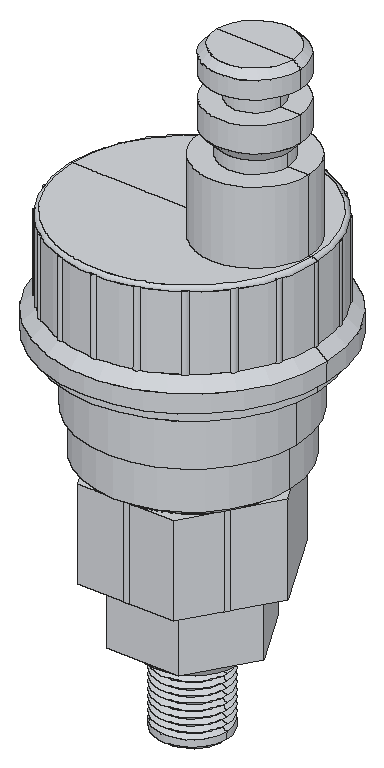
Revit family "PipeAccessories_AutomaticAirVent_DRBrass_Dura", category Pipe Accessories, Revit 2019
Family settings
  Round Connector Dimension = Use Radius
  Part Type = Valve - Normal
  OmniClass Number = 23.65.55.14.17
  OmniClass Title = Adjusting/Controlling Valves for Liquid Services
  Work Plane-Based = No
  Always vertical = Yes
  Cut with Voids When Loaded = Yes
  Shared = No
Parameters (values of type "Automatic AirVent_DR-Brass_Dura")
  WaterTreatmentSystemOperating [instance] = yes
  WaterLevelsSet [instance] = yes
  Uniformat IIElements = "TBC"
  Type Comments = "Dura's range of valves ensure you have the right valve for the right application.\r\nProducts range from ball valves and gate valves all the way to butterfly and mechanical valves to ensure you have the solution to meet your specification requirements."
  StatutoryRegistrationsAndLabelsComplete [instance] = yes
  SerialNumber [instance] = ""
  ProductCode = "9502880\r\n"  # constant formula
  OmniclassProducts = "TBC"
  NATSPECWorkSection = "TBC"
  Model Version = "2013-03"
  Model Status [instance] = ""
  Model Specification = "BMA"
  Description = "Dura Eagle Automatic Airvent is used to remove residual air from the water in a closed heating or cooling system. This helps to reduce noise and improve efficiency of equipment."
  BodyMaterial = none
  Mark [instance] = ""
  FinalHHWFlow = 0.0 L/s
  CommissioningEngineer [instance] = ""
  CommissioningDate [instance] = ""
  BonnetNo = 20
  URL = "www.reece.com.au"
  SizeRadius = Size * 0.5  # 5.00 mm
  Size = 10.00 mm
  Model = "Automatic AirVent_DR-Brass_Dura"
  Manufacturer = "Reece"
  Height = 60.00 mm
  H2 = 24.676 mm
  H1 = 68.322 mm
  Assembly Code = "D2090800"
  AirVentHeight = H1 + H2  # 92.998 mm
  BodyRadius = 19.501 mm
Reference planes
  plane 1 "Center (Front/Back)": y = 0
  plane 2: z = 0
  plane 3 "Center (Left/Right)": x = 0
  plane 4 "TOP": x = 9.088
  plane 5: z = 40.402
  plane 6: z = -52.595
Forms (mm)
  Revolve 1, solid, material <- "BodyMaterial", detail levels fine
    sketch origin (0, 0, 0) x (1, 0, 0) y (0, 0, 1)
      loop
        line (-15.113, -3.119) -> (-15.113, -9.366) -> (-14.17, -9.366) -> (-14.17, -15.403)
        arc (-14.17, -15.403) -> (-12.935, -15.863) -> (-12.046, -16.837) r 2.805
        line (-12.046, -16.837) -> (-12.046, -29.846) -> (-8.491, -29.846) -> (-8.491, -38.846) -> (-6.265, -41.073) -> (-4.22, -41.073) -> (-5, -41.619) -> (-4.329, -42.089) -> (-5, -42.559) -> (-4.329, -43.029) -> (-5, -43.499) -> (-4.329, -43.969) -> (-5, -44.439) -> (-4.329, -44.909) -> (-5, -45.379) -> (-4.329, -45.849) -> (-5, -46.319) -> (-4.329, -46.789) -> (-5, -47.259) -> (-4.329, -47.729) -> (-5, -48.199) -> (-4.329, -48.669) -> (-5, -49.139) -> (-4.329, -49.609) -> (-5, -50.079) -> (-5, -51.074)
        arc (-5, -51.074) -> (-3.073, -52.203) -> (-0.874, -52.595) r 6.357
        line (-0.874, -52.595) -> (0, -52.595) -> (0, 15.726) -> (-17.347, 15.726)
        arc (-17.347, 15.726) -> (-17.74, 15.563) -> (-17.903, 15.17) r 0.556
        line (-17.903, 15.17) -> (-17.903, 4.476) -> (-19.501, 2.878) -> (-19.501, 0.306) -> (-18.087, 0.306) -> (-18.087, -1.448) -> (-16.784, -1.448)
        arc (-16.784, -1.448) -> (-15.603, -1.937) -> (-15.113, -3.119) r 1.671
      axis (0, 15.726) -> (0, -52.595)
    angle from 0 to 360
  Revolve 2, solid, material <- "BodyMaterial", detail levels fine
    sketch origin (2.512, 0, 0) x (1, 0, 0) y (0, 0, 1)
      loop
        line (-1.192, 15.726) -> (6.576, 15.726) -> (6.576, 29.966) -> (6.576, 40.402) -> (1.037, 40.402) -> (0.031, 39.397) -> (0.031, 36.918) -> (2.93, 36.918) -> (2.93, 33.56) -> (0.031, 33.56) -> (0.031, 29.893) -> (1.881, 28.043) -> (1.881, 26.211) -> (-1.192, 26.211) -> (-1.192, 15.726)
      axis (6.576, 40.402) -> (6.576, 15.726)
    angle from 0 to 360
  Extrusion 3, solid, material <- "BodyMaterial", detail levels fine
    sketch origin (-1.906, -2.476, 0) x (1, 0, 0) y (0, 1, 0)
      loop
        line (1.507, 20.342) -> (2.315, 20.342)
        arc (2.315, 20.342) -> (1.911, 20.544) -> (1.507, 20.342) r 0.504
    from 4.476 to 15.282
  Extrusion 4, solid, material <- "BodyMaterial", detail levels fine
    sketch origin (-2.578, -1.766, 0) x (0.951057, -0.309017, 0) y (0.309017, 0.951057, 0)
      loop
        line (1.507, 20.342) -> (2.315, 20.342)
        arc (2.315, 20.342) -> (1.911, 20.544) -> (1.507, 20.342) r 0.504
    from 4.476 to 15.282
  Extrusion 5, solid, material <- "BodyMaterial", detail levels fine
    sketch origin (-2.997, -0.883, 0) x (0.809017, -0.587785, 0) y (0.587785, 0.809017, 0)
      loop
        line (1.507, 20.342) -> (2.315, 20.342)
        arc (2.315, 20.342) -> (1.911, 20.544) -> (1.507, 20.342) r 0.504
    from 4.476 to 15.282
  Extrusion 6, solid, material <- "BodyMaterial", detail levels fine
    sketch origin (-3.123, 0.087, 0) x (0.587785, -0.809017, 0) y (0.809017, 0.587785, 0)
      loop
        line (1.507, 20.342) -> (2.315, 20.342)
        arc (2.315, 20.342) -> (1.911, 20.544) -> (1.507, 20.342) r 0.504
    from 4.476 to 15.282
  Extrusion 7, solid, material <- "BodyMaterial", detail levels fine
    sketch origin (-2.944, 1.048, 0) x (0.309017, -0.951057, 0) y (0.951057, 0.309017, 0)
      loop
        line (1.507, 20.342) -> (2.315, 20.342)
        arc (2.315, 20.342) -> (1.911, 20.544) -> (1.507, 20.342) r 0.504
    from 4.476 to 15.282
  Extrusion 8, solid, material <- "BodyMaterial", detail levels fine
    sketch origin (-2.476, 1.906, 0) x (0, -1, 0) y (1, 0, 0)
      loop
        line (1.507, 20.342) -> (2.315, 20.342)
        arc (2.315, 20.342) -> (1.911, 20.544) -> (1.507, 20.342) r 0.504
    from 4.476 to 15.282
  Extrusion 9, solid, material <- "BodyMaterial", detail levels fine
    sketch origin (-1.766, 2.578, 0) x (-0.309017, -0.951057, 0) y (0.951057, -0.309017, 0)
      loop
        line (1.507, 20.342) -> (2.315, 20.342)
        arc (2.315, 20.342) -> (1.911, 20.544) -> (1.507, 20.342) r 0.504
    from 4.476 to 15.282
  Extrusion 10, solid, material <- "BodyMaterial", detail levels fine
    sketch origin (-0.883, 2.997, 0) x (-0.587785, -0.809017, 0) y (0.809017, -0.587785, 0)
      loop
        line (1.507, 20.342) -> (2.315, 20.342)
        arc (2.315, 20.342) -> (1.911, 20.544) -> (1.507, 20.342) r 0.504
    from 4.476 to 15.282
  Extrusion 11, solid, material <- "BodyMaterial", detail levels fine
    sketch origin (0.087, 3.123, 0) x (-0.809017, -0.587785, 0) y (0.587785, -0.809017, 0)
      loop
        line (1.507, 20.342) -> (2.315, 20.342)
        arc (2.315, 20.342) -> (1.911, 20.544) -> (1.507, 20.342) r 0.504
    from 4.476 to 15.282
  Extrusion 12, solid, material <- "BodyMaterial", detail levels fine
    sketch origin (1.048, 2.944, 0) x (-0.951057, -0.309017, 0) y (0.309017, -0.951057, 0)
      loop
        line (1.507, 20.342) -> (2.315, 20.342)
        arc (2.315, 20.342) -> (1.911, 20.544) -> (1.507, 20.342) r 0.504
    from 4.476 to 15.282
  Extrusion 13, solid, material <- "BodyMaterial", detail levels fine
    sketch origin (1.906, 2.476, 0) x (-1, 0, 0) y (0, -1, 0)
      loop
        line (1.507, 20.342) -> (2.315, 20.342)
        arc (2.315, 20.342) -> (1.911, 20.544) -> (1.507, 20.342) r 0.504
    from 4.476 to 15.282
  Extrusion 14, solid, material <- "BodyMaterial", detail levels fine
    sketch origin (2.578, 1.766, 0) x (-0.951057, 0.309017, 0) y (-0.309017, -0.951057, 0)
      loop
        line (1.507, 20.342) -> (2.315, 20.342)
        arc (2.315, 20.342) -> (1.911, 20.544) -> (1.507, 20.342) r 0.504
    from 4.476 to 15.282
  Extrusion 15, solid, material <- "BodyMaterial", detail levels fine
    sketch origin (2.997, 0.883, 0) x (-0.809017, 0.587785, 0) y (-0.587785, -0.809017, 0)
      loop
        line (1.507, 20.342) -> (2.315, 20.342)
        arc (2.315, 20.342) -> (1.911, 20.544) -> (1.507, 20.342) r 0.504
    from 4.476 to 15.282
  Extrusion 16, solid, material <- "BodyMaterial", detail levels fine
    sketch origin (3.123, -0.087, 0) x (-0.587785, 0.809017, 0) y (-0.809017, -0.587785, 0)
      loop
        line (1.507, 20.342) -> (2.315, 20.342)
        arc (2.315, 20.342) -> (1.911, 20.544) -> (1.507, 20.342) r 0.504
    from 4.476 to 15.282
  Extrusion 17, solid, material <- "BodyMaterial", detail levels fine
    sketch origin (2.944, -1.048, 0) x (-0.309017, 0.951057, 0) y (-0.951057, -0.309017, 0)
      loop
        line (1.507, 20.342) -> (2.315, 20.342)
        arc (2.315, 20.342) -> (1.911, 20.544) -> (1.507, 20.342) r 0.504
    from 4.476 to 15.282
  Extrusion 18, solid, material <- "BodyMaterial", detail levels fine
    sketch origin (2.476, -1.906, 0) x (0, 1, 0) y (-1, 0, 0)
      loop
        line (1.507, 20.342) -> (2.315, 20.342)
        arc (2.315, 20.342) -> (1.911, 20.544) -> (1.507, 20.342) r 0.504
    from 4.476 to 15.282
  Extrusion 19, solid, material <- "BodyMaterial", detail levels fine
    sketch origin (1.766, -2.578, 0) x (0.309017, 0.951057, 0) y (-0.951057, 0.309017, 0)
      loop
        line (1.507, 20.342) -> (2.315, 20.342)
        arc (2.315, 20.342) -> (1.911, 20.544) -> (1.507, 20.342) r 0.504
    from 4.476 to 15.282
  Extrusion 20, solid, material <- "BodyMaterial", detail levels fine
    sketch origin (0.883, -2.997, 0) x (0.587785, 0.809017, 0) y (-0.809017, 0.587785, 0)
      loop
        line (1.507, 20.342) -> (2.315, 20.342)
        arc (2.315, 20.342) -> (1.911, 20.544) -> (1.507, 20.342) r 0.504
    from 4.476 to 15.282
  Extrusion 21, solid, material <- "BodyMaterial", detail levels fine
    sketch origin (-0.087, -3.123, 0) x (0.809017, 0.587785, 0) y (-0.587785, 0.809017, 0)
      loop
        line (1.507, 20.342) -> (2.315, 20.342)
        arc (2.315, 20.342) -> (1.911, 20.544) -> (1.507, 20.342) r 0.504
    from 4.476 to 15.282
  Extrusion 22, solid, material <- "BodyMaterial", detail levels fine
    sketch origin (-1.048, -2.944, 0) x (0.951057, 0.309017, 0) y (-0.309017, 0.951057, 0)
      loop
        line (1.507, 20.342) -> (2.315, 20.342)
        arc (2.315, 20.342) -> (1.911, 20.544) -> (1.507, 20.342) r 0.504
    from 4.476 to 15.282
Cuts and joins
  joined: Revolve 1, Revolve 2
Dimensions and locks
  "BodyRadius": Revolve 1 sketch curve to Revolve 1 sketch curve
  "H1": Revolve 1 sketch curve to plane 6
  "H2": plane 5 to cut or joined group of Revolve 1, Revolve 2
  "SizeRadius": Revolve 1 sketch curve to Revolve 1 sketch curve
  Extrusion 8 to plane 4 "TOP" = 8.778 mm
  aligned and locked: plane 2 to level
  aligned and locked: Revolve 2 sketch curve to plane 5
  aligned and locked: plane 6 to Revolve 1 sketch curve
  aligned and locked: cut or joined group of Revolve 1, Revolve 2 to Revolve 2 sketch curve
  aligned and locked: Revolve 1 sketch curve to Revolve 1 sketch curve  (x9)
  aligned and locked: plane 3 "Center (Left/Right)" to nested 3
  aligned and locked: plane 1 "Center (Front/Back)" to nested 3
Automatic sketch dimensions
  Extrusion 3 sketch curve to Extrusion 3 sketch curve = 0.404 mm
  Extrusion 3 sketch curve to Extrusion 3 sketch curve = 0.302 mm
  Extrusion 4 sketch curve to Extrusion 4 sketch curve = 0.404 mm
  Extrusion 4 sketch curve to Extrusion 4 sketch curve = 0.302 mm
  Extrusion 5 sketch curve to Extrusion 5 sketch curve = 0.404 mm
  Extrusion 5 sketch curve to Extrusion 5 sketch curve = 0.302 mm
  Extrusion 6 sketch curve to Extrusion 6 sketch curve = 0.404 mm
  Extrusion 6 sketch curve to Extrusion 6 sketch curve = 0.302 mm
  Extrusion 7 sketch curve to Extrusion 7 sketch curve = 0.404 mm
  Extrusion 7 sketch curve to Extrusion 7 sketch curve = 0.302 mm
  Extrusion 8 sketch curve to Extrusion 8 sketch curve = 0.404 mm
  Extrusion 8 sketch curve to Extrusion 8 sketch curve = 0.302 mm
  Extrusion 9 sketch curve to Extrusion 9 sketch curve = 0.404 mm
  Extrusion 9 sketch curve to Extrusion 9 sketch curve = 0.302 mm
  Extrusion 10 sketch curve to Extrusion 10 sketch curve = 0.404 mm
  Extrusion 10 sketch curve to Extrusion 10 sketch curve = 0.302 mm
  Extrusion 11 sketch curve to Extrusion 11 sketch curve = 0.404 mm
  Extrusion 11 sketch curve to Extrusion 11 sketch curve = 0.302 mm
  Extrusion 12 sketch curve to Extrusion 12 sketch curve = 0.404 mm
  Extrusion 12 sketch curve to Extrusion 12 sketch curve = 0.302 mm
  Extrusion 13 sketch curve to Extrusion 13 sketch curve = 0.404 mm
  Extrusion 13 sketch curve to Extrusion 13 sketch curve = 0.302 mm
  Extrusion 14 sketch curve to Extrusion 14 sketch curve = 0.404 mm
  Extrusion 14 sketch curve to Extrusion 14 sketch curve = 0.302 mm
  Extrusion 15 sketch curve to Extrusion 15 sketch curve = 0.404 mm
  Extrusion 15 sketch curve to Extrusion 15 sketch curve = 0.302 mm
  Extrusion 16 sketch curve to Extrusion 16 sketch curve = 0.404 mm
  Extrusion 16 sketch curve to Extrusion 16 sketch curve = 0.302 mm
  Extrusion 17 sketch curve to Extrusion 17 sketch curve = 0.404 mm
  Extrusion 17 sketch curve to Extrusion 17 sketch curve = 0.302 mm
  Extrusion 18 sketch curve to Extrusion 18 sketch curve = 0.404 mm
  Extrusion 18 sketch curve to Extrusion 18 sketch curve = 0.302 mm
  Extrusion 19 sketch curve to Extrusion 19 sketch curve = 0.404 mm
  Extrusion 19 sketch curve to Extrusion 19 sketch curve = 0.302 mm
  Extrusion 20 sketch curve to Extrusion 20 sketch curve = 0.404 mm
  Extrusion 20 sketch curve to Extrusion 20 sketch curve = 0.302 mm
  Extrusion 21 sketch curve to Extrusion 21 sketch curve = 0.404 mm
  Extrusion 21 sketch curve to Extrusion 21 sketch curve = 0.302 mm
  Extrusion 22 sketch curve to Extrusion 22 sketch curve = 0.404 mm
  Extrusion 22 sketch curve to Extrusion 22 sketch curve = 0.302 mm
  Revolve 1 sketch curve to plane 3 "Center (Left/Right)" = 0.00 mm  (x2)
  level to Revolve 1 sketch curve = 0.306 mm
  Revolve 1 sketch curve to Revolve 1 sketch curve = 1.413 mm
  Revolve 1 sketch curve to Revolve 1 sketch curve = 1.598 mm  (x2)
  Revolve 1 sketch curve to Revolve 1 sketch curve = 0.556 mm
  Revolve 1 sketch curve to Revolve 1 sketch curve = 1.303 mm
  Revolve 1 sketch curve to Revolve 1 sketch curve = 1.671 mm
  Revolve 1 sketch curve to Revolve 1 sketch curve = 0.609 mm
  Revolve 1 sketch curve to Revolve 1 sketch curve = 0.943 mm
  Revolve 1 sketch curve to Revolve 1 sketch curve = 2.458 mm
  Revolve 1 sketch curve to Revolve 1 sketch curve = 3.491 mm
  Revolve 1 sketch curve to Revolve 1 sketch curve = 1.265 mm
  Revolve 1 sketch curve to Revolve 1 sketch curve = 0.671 mm  (x9)
  Revolve 1 sketch curve to Revolve 1 sketch curve = 0.78 mm
  Revolve 1 sketch curve to plane 3 "Center (Left/Right)" = 0.874 mm
  plane 6 to Revolve 1 sketch curve = 1.521 mm
  Revolve 1 sketch curve to Revolve 1 sketch curve = 0.995 mm
  Revolve 1 sketch curve to Revolve 1 sketch curve = 0.47 mm  (x18)
  Revolve 1 sketch curve to Revolve 1 sketch curve = 0.546 mm
  Revolve 1 sketch curve to Revolve 1 sketch curve = 2.226 mm
  Revolve 1 sketch curve to Revolve 1 sketch curve = 9.00 mm
  Revolve 1 sketch curve to Revolve 1 sketch curve = 11.658 mm
  Revolve 1 sketch curve to Revolve 1 sketch curve = 1.351 mm
  Revolve 1 sketch curve to Revolve 1 sketch curve = 6.037 mm
  Revolve 1 sketch curve to level = 3.119 mm
  Revolve 1 sketch curve to Revolve 1 sketch curve = 2.572 mm
  level to Revolve 1 sketch curve = 7.089 mm
  Revolve 1 sketch curve to Revolve 1 sketch curve = 5.00 mm
  plane 4 "TOP" to Revolve 2 sketch curve = 0.00 mm  (x2)
  plane 4 "TOP" to Revolve 2 sketch curve = 3.646 mm
  plane 3 "Center (Left/Right)" to Revolve 2 sketch curve = 4.393 mm
  plane 3 "Center (Left/Right)" to Revolve 2 sketch curve = 3.549 mm
  plane 3 "Center (Left/Right)" to Revolve 2 sketch curve = 2.543 mm  (x2)
  plane 3 "Center (Left/Right)" to Revolve 2 sketch curve = 1.32 mm
  Revolve 2 sketch curve to Revolve 2 sketch curve = 10.485 mm
  Revolve 2 sketch curve to Revolve 2 sketch curve = 1.831 mm
  Revolve 2 sketch curve to Revolve 2 sketch curve = 1.85 mm
  Revolve 2 sketch curve to Revolve 2 sketch curve = 1.923 mm
  Revolve 2 sketch curve to Revolve 2 sketch curve = 3.667 mm
  Revolve 2 sketch curve to Revolve 2 sketch curve = 3.358 mm
  Revolve 2 sketch curve to plane 5 = 1.006 mm
  Revolve 2 sketch curve to Revolve 2 sketch curve = 1.142 mm
  Revolve 2 sketch curve to plane 5 = 2.065 mm
Nested families
  nested 1: "Inscribed Hex Nut Top" at (0, 0, -34.346), type "Inscribed Hex Nut Top 2", detail levels fine
    with Width 9.00 mm, Hex Size 18.00 mm
  nested 2: "Inscribed Hex Nut Top" at (0, 0, -23.346), type "Inscribed Hex Nut Top", detail levels fine
  nested 3: "Air Vent S" at (0, 0, 0), type "Family14", detail levels coarse+medium
Connectors
  piping at (0, 0, -41.073), diameter 10, driven by "SizeRadius"
    settings: on cut or joined group of Revolve 1, Revolve 2, index 1, connector inside diameter 0.3937", connector length 0.00 mm, flow factor 0, pipe flow 0.0 L/s, pressure drop 0.00 psi, fitting loss kfactor 0, connector angle 0.00°, fixture units 0, engagement length 0.00 mm, angle of deflection 0.00°, flow configuration 0, flow direction 0, fitting loss method 0, system type 28, joint type 0, gender type 0, connector reference index -1, connector utility 0, adjustable connector no, is connector primary yes, connector description ""
Definition of nested family "Inscribed Hex Nut Top"
  Parameters
    Width = 13.00 mm
    Material = none
    Hex Size = 24.00 mm
  Reference planes
    plane 1 "Center (Front/Back)": y = 0
    plane 2: z = 0
    plane 3 "Center (Left/Right)": x = 0
  Forms (mm)
    Extrusion 1, solid, material <- "Material"
      sketch origin (0, 0, -125) x (1, 0, 0) y (0, 1, 0)
        loop
          line (-6.928, 12) -> (-13.856, 0) -> (-6.928, -12) -> (6.928, -12) -> (13.856, 0) -> (6.928, 12) -> (-6.928, 12)
      from 118.5 to 131.5
  Dimensions and locks
    "Hex Size": Extrusion 1 sketch curve to Extrusion 1 sketch curve  (x3)
    equal spacing: Extrusion 1, level, Extrusion 1
    "Width": Extrusion 1 to Extrusion 1
    equal spacing: Extrusion 1 sketch curve, plane 3 "Center (Left/Right)", Extrusion 1 sketch curve  (x2)
    equal spacing: Extrusion 1 sketch curve, plane 1 "Center (Front/Back)", Extrusion 1 sketch curve
    angle Extrusion 1 sketch curve to Extrusion 1 sketch curve = 120.00°  (x6)
    aligned and locked: plane 2 to level
Definition of nested family "Air Vent S"
  Reference planes
    plane 1 "Center (Front/Back)": y = 0
    plane 2: z = 0
    plane 3 "Center (Left/Right)": x = 0
  Lines and regions (mm)
    symbolic lines, detail levels coarse+medium
      curve 1: line (-9.988, -10, 0) -> (10.012, -10, 0)
    model lines, detail levels coarse+medium
      curve 2: line (19.988, 0, 0) -> (-19.988, 0, 0)
      curve 3: line (-19.988, 0, 0) -> (0, 19.988, 0)
      curve 4: line (0, 19.988, 0) -> (19.988, 0, 0)
      curve 5: line (0, 0, 0) -> (0, -10, 0)
  Dimensions and locks
    aligned and locked: level to plane 2
